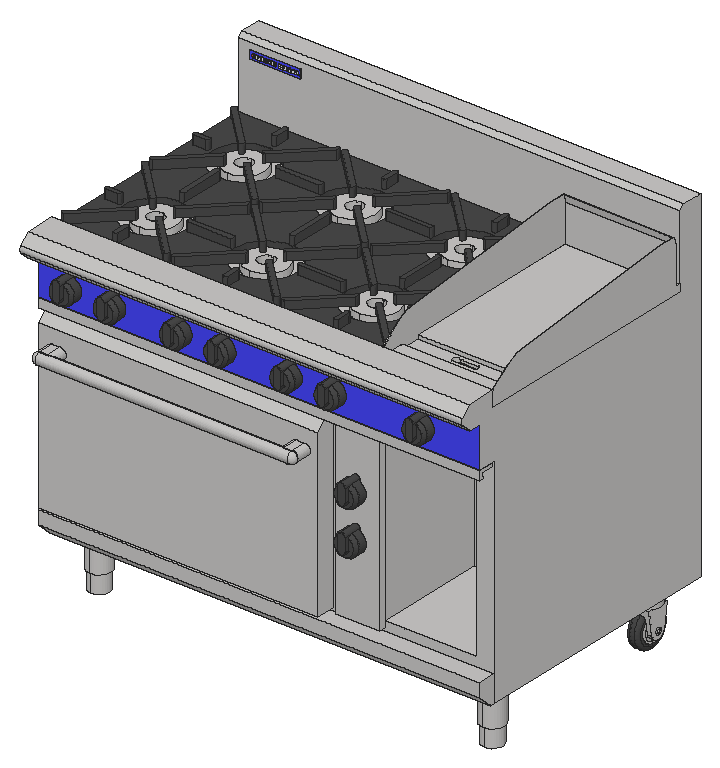
Revit family "QF_MOFFAT_BLUESEAL_CE_GE508C", category Specialty Equipment, Revit 2012
Parameters
  Width = 1200 mm
  Weight in Pounds = 485
  Watts = 6500 W
  Volts = 400 V
  URL Cutsheet = "www.moffat.com"
  URL = "www.moffat.com"
  Type Mark [instance] = ""
  Status [instance] = ""
  Specification by User [instance] = ""
  Specification by Manufacturer = ""
  Show Logo [instance] = yes
  Show Clearance [instance] = yes
  Show Casters [instance] = yes
  Serial Number = ""
  Seismic Rating = ""
  SMACNA No = ""
  Revision Code [instance] = ""
  Phase = 3
  Omniclass Number and Title = ""
  Number of Poles [instance] = 1
  NAFEM Spec ID Number = ""
  Model = "GE508C"
  Min Ckt Ampacity = 0 A
  Mechanical Remarks = ""
  Mechanical Connection Type [instance] = ""
  Max Overcurrent Protection = 0 A
  Masterspec = ""
  Manufacturer = "MOFFAT BLUESEAL"
  Legs [instance] = not(Show Casters)  # no
  Item Number [instance] = ""
  Installed By [instance] = ""
  Identify Quantity as Lot [instance] = yes
  Height = 970 mm
  HP = ""
  Gas Size = 3/4"
  Gas RI Height [instance] = 0 mm
  Gas KW [instance] = 48
  Gas Input [instance] = 165000.0 Btu/h
  Gas Connection Height = 0 mm
  Furnished By [instance] = ""
  Foodservice Equipment Identifier [instance] = yes
  FL Amps = 9.4 A
  Electrical Remarks = "9.4A PER PHASE"
  Electric Connection Type = ""
  Elec Conn RI Height = 0 mm
  Elec Conn Connection Height = 0 mm
  Description = "1200MM GAS RANGE WITH ELECTRIC STATIC OVEN"
  Depth = 812 mm
  Cycle = 50 Hz
  Conn Plug = ""
  Conn Conduit = yes
  CSI MasterFormat = ""
  CSI Master Format = ""
  Body Finish = QF_Finishes_Stainless Steel
  Apparent Power = 0 VA
Reference planes
  plane 1 "BACK": y = 0
  plane 2: z = 0
  plane 3 "LEFT": x = 0
  plane 4 "RIGHT": x = 1200
  plane 5 "FRONT": y = -812
  plane 6 "TOP": z = 970
  plane 7 "Center Y": x = 600
  plane 8 "Center X": y = -406
  plane 9: x = 280
  plane 10: y = -574.272
  plane 11: x = 60
  plane 12: y = -304.972
  plane 13: y = -364.972
  plane 14: x = 74
  plane 15: y = -812
  plane 16: x = 1134.5
  plane 17: y = -32
  plane 18: z = 655
  plane 19: x = 65.5
  plane 20: x = 65.8
  plane 21: z = 1085
  plane 22: y = -705
Forms (mm)
  Extrusion 1, solid, material "QF_Finishes_Stainless Steel" <- "Body Finish"
    sketch origin (0, 0, 0) x (0, 1, 0) y (0, 0, 1)
      loop
        line (0, 150) -> (0, 1085) -> (-57.5, 1085) -> (-70, 1072.5) -> (-70, 875) -> (-705, 875) -> (-705, 915) -> (-783.97, 915) -> (-808.49, 890.48)
        arc (-808.49, 890.48) -> (-812.002, 882) -> (-808.49, 873.52) r 11.993
        line (-808.49, 873.52) -> (-784.97, 850) -> (-749, 850) -> (-749, 740) -> (-699, 740) -> (-699, 150) -> (0, 150)
      loop
        line (-749, 222.5) -> (-749, 186) -> (-713, 150) -> (-703.2, 150) -> (-703.2, 222.5) -> (-749, 222.5)
      loop
        line (-749, 713.781) -> (-740.224, 713.781) -> (-742.613, 730.781) -> (-707.93, 730.781) -> (-707.93, 737.784) -> (-749, 737.784) -> (-749, 713.781)
    from 0 to 1200
  Extrusion 2, solid, material "QF_Finishes_Stainless Steel"
    sketch origin (0, 7, 0) x (0, 1, 0) y (0, 0, 1)
      loop
        line (-706, 700) -> (-732, 700) -> (-756, 676) -> (-756, 227.5) -> (-706, 227.5) -> (-706, 700)
    from 0 to 760
  Extrusion 3, solid, material "QF_Finishes_Stainless Steel"
    sketch origin (723.5, 7, 0) x (0, 1, 0) y (0, 0, 1)
      loop
        line (-706, 700) -> (-721, 700) -> (-721, 227.5) -> (-706, 227.5) -> (-706, 700)
    from 56.898 to 176.5
  Revolve 4, solid, material "QF_Finishes_Stainless Steel" <- "Body Finish"
    sketch origin (1134.5, -696.126, 0) x (0, 1, 0) y (0, 0, -1)
      loop
        line (39.376, -150) -> (71.126, -150) -> (71.126, 0) -> (43.626, 0) -> (43.626, -50) -> (39.376, -50) -> (39.376, -150)
      axis (71.126, -150) -> (71.126, 0)
    angle from 0 to 360
  Revolve 5, solid, material "QF_Finishes_Stainless Steel" <- "Body Finish"
    sketch origin (65.5, -696.126, 0) x (0, 1, 0) y (0, 0, 1)
      loop
        line (39.376, 150) -> (39.376, 50) -> (43.626, 50) -> (43.626, 0) -> (71.126, 0) -> (71.126, 150) -> (39.376, 150)
      axis (71.126, 150) -> (71.126, 0)
    angle from 0 to 360
  Extrusion 6, solid, material "QF_Finishes_Stainless Steel"
    sketch origin (-64.5, 0, 325) x (1, 0, 0) y (0, 1, 0)
      loop
        circle (1134.5, -32) r 10
    from 330 to 374.856
  Extrusion 7, void
    sketch origin (0, -699, 150) x (0, 0, -1) y (-1, 0, 0)
      loop
        line (-529.781, -900) -> (-529.781, -1150) -> (-96, -1150) -> (-96, -900) -> (-529.781, -900)
    from 0 to 304.8
  Extrusion 8, solid, material "QF_Finishes_Black"
    sketch origin (0, -70, 875) x (0, -1, 0) y (1, 0, 0)
      loop
        arc (1, 4) -> (1.879, 1.879) -> (4, 1) r 3
        line (4, 1) -> (632, 1)
        arc (632, 1) -> (634.121, 1.879) -> (635, 4) r 3
        line (635, 4) -> (635, 897)
        arc (635, 897) -> (634.121, 899.121) -> (632, 900) r 3
        line (632, 900) -> (4, 900)
        arc (4, 900) -> (1.879, 899.121) -> (1, 897) r 3
        line (1, 897) -> (1, 4)
      loop
        circle (167.5, 150) r 85
      loop
        circle (167.5, 450) r 85
      loop
        circle (467.768, 150) r 85
      loop
        circle (467.768, 450) r 85
      loop
        circle (167.5, 750) r 85
      loop
        circle (467.768, 750) r 85
    from 0 to 19.5
  Extrusion 9, solid, material "QF_Finishes_Black"
    sketch origin (0, -70, 894.5) x (0, -1, 0) y (1, 0, 0)
      loop
        spline (327.102, 15.153) -> (326.181, 13.924) -> (325.631, 12.47) -> (325.49, 10.89) -> (325.767, 9.292) -> (326.443, 7.786) -> (327.473, 6.473) -> (328.786, 5.443) -> (330.292, 4.767) -> (331.89, 4.49) -> (333.47, 4.631) -> (334.924, 5.181) -> (336.153, 6.102)
        line (336.153, 6.102) -> (444.076, 114.025)
        spline (444.076, 114.025) -> (444.837, 115.095) -> (445.238, 116.399) -> (445.251, 117.851) -> (444.875, 119.35) -> (444.137, 120.795) -> (443.086, 122.086) -> (441.795, 123.137) -> (440.35, 123.875) -> (438.851, 124.251) -> (437.399, 124.238) -> (436.095, 123.837) -> (435.025, 123.076)
        line (435.025, 123.076) -> (327.102, 15.153)
      loop
        line (611.398, 15.153) -> (503.475, 123.076)
        spline (503.475, 123.076) -> (502.405, 123.837) -> (501.101, 124.238) -> (499.649, 124.251) -> (498.15, 123.875) -> (496.705, 123.137) -> (495.414, 122.086) -> (494.363, 120.795) -> (493.625, 119.35) -> (493.249, 117.851) -> (493.262, 116.399) -> (493.663, 115.095) -> (494.424, 114.025)
        line (494.424, 114.025) -> (602.347, 6.102)
        spline (602.347, 6.102) -> (603.416, 5.341) -> (604.721, 4.941) -> (606.172, 4.928) -> (607.671, 5.303) -> (609.116, 6.041) -> (610.408, 7.092) -> (611.459, 8.384) -> (612.197, 9.829) -> (612.572, 11.328) -> (612.559, 12.779) -> (612.159, 14.084) -> (611.398, 15.153)
      loop
        spline (379.102, 143.6) -> (380.396, 143.818) -> (381.602, 144.457) -> (382.638, 145.475) -> (383.432, 146.8) -> (383.932, 148.344) -> (384.102, 150) -> (383.932, 151.656) -> (383.432, 153.2) -> (382.638, 154.525) -> (381.602, 155.543) -> (380.396, 156.182) -> (379.102, 156.4)
        line (379.102, 156.4) -> (259.398, 156.4)
        spline (259.398, 156.4) -> (258.104, 156.182) -> (256.898, 155.543) -> (255.862, 154.525) -> (255.068, 153.2) -> (254.568, 151.656) -> (254.398, 150) -> (254.568, 148.344) -> (255.068, 146.8) -> (255.862, 145.475) -> (256.898, 144.457) -> (258.104, 143.818) -> (259.398, 143.6)
        line (259.398, 143.6) -> (379.102, 143.6)
      loop
        spline (23.602, 15.153) -> (22.681, 13.924) -> (22.131, 12.47) -> (21.99, 10.89) -> (22.267, 9.292) -> (22.943, 7.786) -> (23.973, 6.473) -> (25.286, 5.443) -> (26.792, 4.767) -> (28.39, 4.49) -> (29.97, 4.631) -> (31.424, 5.181) -> (32.653, 6.102)
        line (32.653, 6.102) -> (140.576, 114.025)
        spline (140.576, 114.025) -> (141.337, 115.095) -> (141.738, 116.399) -> (141.751, 117.851) -> (141.375, 119.35) -> (140.637, 120.795) -> (139.586, 122.086) -> (138.295, 123.137) -> (136.85, 123.875) -> (135.351, 124.251) -> (133.899, 124.238) -> (132.595, 123.837) -> (131.525, 123.076)
        line (131.525, 123.076) -> (23.602, 15.153)
      loop
        line (311.398, 15.153) -> (203.475, 123.076)
        spline (203.475, 123.076) -> (202.405, 123.837) -> (201.101, 124.238) -> (199.649, 124.251) -> (198.15, 123.875) -> (196.705, 123.137) -> (195.414, 122.086) -> (194.363, 120.795) -> (193.625, 119.35) -> (193.249, 117.851) -> (193.262, 116.399) -> (193.663, 115.095) -> (194.424, 114.025)
        line (194.424, 114.025) -> (302.347, 6.102)
        spline (302.347, 6.102) -> (303.416, 5.341) -> (304.721, 4.941) -> (306.172, 4.928) -> (307.671, 5.303) -> (309.116, 6.041) -> (310.408, 7.092) -> (311.459, 8.384) -> (312.197, 9.829) -> (312.572, 11.328) -> (312.559, 12.779) -> (312.159, 14.084) -> (311.398, 15.153)
      loop
        line (327.102, 284.847) -> (435.025, 176.924)
        spline (435.025, 176.924) -> (436.095, 176.163) -> (437.399, 175.762) -> (438.851, 175.749) -> (440.35, 176.125) -> (441.795, 176.863) -> (443.086, 177.914) -> (444.137, 179.205) -> (444.875, 180.65) -> (445.251, 182.149) -> (445.238, 183.601) -> (444.837, 184.905) -> (444.076, 185.975)
        line (444.076, 185.975) -> (336.153, 293.898)
        spline (336.153, 293.898) -> (334.924, 294.819) -> (333.47, 295.369) -> (331.89, 295.51) -> (330.292, 295.233) -> (328.786, 294.557) -> (327.473, 293.527) -> (326.443, 292.214) -> (325.767, 290.708) -> (325.49, 289.11) -> (325.631, 287.53) -> (326.181, 286.076) -> (327.102, 284.847)
      loop
        spline (611.398, 284.847) -> (612.159, 285.916) -> (612.559, 287.221) -> (612.572, 288.672) -> (612.197, 290.171) -> (611.459, 291.616) -> (610.408, 292.908) -> (609.116, 293.959) -> (607.671, 294.697) -> (606.172, 295.072) -> (604.721, 295.059) -> (603.416, 294.659) -> (602.347, 293.898)
        line (602.347, 293.898) -> (494.424, 185.975)
        spline (494.424, 185.975) -> (493.663, 184.905) -> (493.262, 183.601) -> (493.249, 182.149) -> (493.625, 180.65) -> (494.363, 179.205) -> (495.414, 177.914) -> (496.705, 176.863) -> (498.15, 176.125) -> (499.649, 175.749) -> (501.101, 175.762) -> (502.405, 176.163) -> (503.475, 176.924)
        line (503.475, 176.924) -> (611.398, 284.847)
      loop
        spline (461.1, 241.898) -> (461.318, 240.604) -> (461.957, 239.398) -> (462.975, 238.362) -> (464.3, 237.568) -> (465.844, 237.068) -> (467.5, 236.898) -> (469.156, 237.068) -> (470.7, 237.568) -> (472.025, 238.362) -> (473.043, 239.398) -> (473.682, 240.604) -> (473.9, 241.898)
        line (473.9, 241.898) -> (473.9, 358.102)
        spline (473.9, 358.102) -> (473.682, 359.396) -> (473.043, 360.602) -> (472.025, 361.638) -> (470.7, 362.432) -> (469.156, 362.932) -> (467.5, 363.102) -> (465.844, 362.932) -> (464.3, 362.432) -> (462.975, 361.638) -> (461.957, 360.602) -> (461.318, 359.396) -> (461.1, 358.102)
        line (461.1, 358.102) -> (461.1, 241.898)
      loop
        line (23.602, 284.847) -> (131.525, 176.924)
        spline (131.525, 176.924) -> (132.595, 176.163) -> (133.899, 175.762) -> (135.351, 175.749) -> (136.85, 176.125) -> (138.295, 176.863) -> (139.586, 177.914) -> (140.637, 179.205) -> (141.375, 180.65) -> (141.751, 182.149) -> (141.738, 183.601) -> (141.337, 184.905) -> (140.576, 185.975)
        line (140.576, 185.975) -> (32.653, 293.898)
        spline (32.653, 293.898) -> (31.424, 294.819) -> (29.97, 295.369) -> (28.39, 295.51) -> (26.792, 295.233) -> (25.286, 294.557) -> (23.973, 293.527) -> (22.943, 292.214) -> (22.267, 290.708) -> (21.99, 289.11) -> (22.131, 287.53) -> (22.681, 286.076) -> (23.602, 284.847)
      loop
        spline (311.398, 284.847) -> (312.159, 285.916) -> (312.559, 287.221) -> (312.572, 288.672) -> (312.197, 290.171) -> (311.459, 291.616) -> (310.408, 292.908) -> (309.116, 293.959) -> (307.671, 294.697) -> (306.172, 295.072) -> (304.721, 295.059) -> (303.416, 294.659) -> (302.347, 293.898)
        line (302.347, 293.898) -> (194.424, 185.975)
        spline (194.424, 185.975) -> (193.663, 184.905) -> (193.262, 183.601) -> (193.249, 182.149) -> (193.625, 180.65) -> (194.363, 179.205) -> (195.414, 177.914) -> (196.705, 176.863) -> (198.15, 176.125) -> (199.649, 175.749) -> (201.101, 175.762) -> (202.405, 176.163) -> (203.475, 176.924)
        line (203.475, 176.924) -> (311.398, 284.847)
      loop
        spline (161.1, 241.898) -> (161.318, 240.604) -> (161.957, 239.398) -> (162.975, 238.362) -> (164.3, 237.568) -> (165.844, 237.068) -> (167.5, 236.898) -> (169.156, 237.068) -> (170.7, 237.568) -> (172.025, 238.362) -> (173.043, 239.398) -> (173.682, 240.604) -> (173.9, 241.898)
        line (173.9, 241.898) -> (173.9, 358.102)
        spline (173.9, 358.102) -> (173.682, 359.396) -> (173.043, 360.602) -> (172.025, 361.638) -> (170.7, 362.432) -> (169.156, 362.932) -> (167.5, 363.102) -> (165.844, 362.932) -> (164.3, 362.432) -> (162.975, 361.638) -> (161.957, 360.602) -> (161.318, 359.396) -> (161.1, 358.102)
        line (161.1, 358.102) -> (161.1, 241.898)
      loop
        line (379.102, 456.4) -> (259.398, 456.4)
        spline (259.398, 456.4) -> (258.104, 456.182) -> (256.898, 455.543) -> (255.862, 454.525) -> (255.068, 453.2) -> (254.568, 451.656) -> (254.398, 450) -> (254.568, 448.344) -> (255.068, 446.8) -> (255.862, 445.475) -> (256.898, 444.457) -> (258.104, 443.818) -> (259.398, 443.6)
        line (259.398, 443.6) -> (379.102, 443.6)
        spline (379.102, 443.6) -> (380.396, 443.818) -> (381.602, 444.457) -> (382.638, 445.475) -> (383.432, 446.8) -> (383.932, 448.344) -> (384.102, 450) -> (383.932, 451.656) -> (383.432, 453.2) -> (382.638, 454.525) -> (381.602, 455.543) -> (380.396, 456.182) -> (379.102, 456.4)
      loop
        spline (327.102, 315.153) -> (326.181, 313.924) -> (325.631, 312.47) -> (325.49, 310.89) -> (325.767, 309.292) -> (326.443, 307.786) -> (327.473, 306.473) -> (328.786, 305.443) -> (330.292, 304.767) -> (331.89, 304.49) -> (333.47, 304.631) -> (334.924, 305.181) -> (336.153, 306.102)
        line (336.153, 306.102) -> (444.076, 414.025)
        spline (444.076, 414.025) -> (444.837, 415.095) -> (445.238, 416.399) -> (445.251, 417.851) -> (444.875, 419.35) -> (444.137, 420.795) -> (443.086, 422.086) -> (441.795, 423.137) -> (440.35, 423.875) -> (438.851, 424.251) -> (437.399, 424.238) -> (436.095, 423.837) -> (435.025, 423.076)
        line (435.025, 423.076) -> (327.102, 315.153)
      loop
        line (611.398, 315.153) -> (503.475, 423.076)
        spline (503.475, 423.076) -> (502.405, 423.837) -> (501.101, 424.238) -> (499.649, 424.251) -> (498.15, 423.875) -> (496.705, 423.137) -> (495.414, 422.086) -> (494.363, 420.795) -> (493.625, 419.35) -> (493.249, 417.851) -> (493.262, 416.399) -> (493.663, 415.095) -> (494.424, 414.025)
        line (494.424, 414.025) -> (602.347, 306.102)
        spline (602.347, 306.102) -> (603.416, 305.341) -> (604.721, 304.941) -> (606.172, 304.928) -> (607.671, 305.303) -> (609.116, 306.041) -> (610.408, 307.092) -> (611.459, 308.384) -> (612.197, 309.829) -> (612.572, 311.328) -> (612.559, 312.779) -> (612.159, 314.084) -> (611.398, 315.153)
      loop
        spline (23.602, 315.153) -> (22.681, 313.924) -> (22.131, 312.47) -> (21.99, 310.89) -> (22.267, 309.292) -> (22.943, 307.786) -> (23.973, 306.473) -> (25.286, 305.443) -> (26.792, 304.767) -> (28.39, 304.49) -> (29.97, 304.631) -> (31.424, 305.181) -> (32.653, 306.102)
        line (32.653, 306.102) -> (140.576, 414.025)
        spline (140.576, 414.025) -> (141.337, 415.095) -> (141.738, 416.399) -> (141.751, 417.851) -> (141.375, 419.35) -> (140.637, 420.795) -> (139.586, 422.086) -> (138.295, 423.137) -> (136.85, 423.875) -> (135.351, 424.251) -> (133.899, 424.238) -> (132.595, 423.837) -> (131.525, 423.076)
        line (131.525, 423.076) -> (23.602, 315.153)
      loop
        line (311.398, 315.153) -> (203.475, 423.076)
        spline (203.475, 423.076) -> (202.405, 423.837) -> (201.101, 424.238) -> (199.649, 424.251) -> (198.15, 423.875) -> (196.705, 423.137) -> (195.414, 422.086) -> (194.363, 420.795) -> (193.625, 419.35) -> (193.249, 417.851) -> (193.262, 416.399) -> (193.663, 415.095) -> (194.424, 414.025)
        line (194.424, 414.025) -> (302.347, 306.102)
        spline (302.347, 306.102) -> (303.416, 305.341) -> (304.721, 304.941) -> (306.172, 304.928) -> (307.671, 305.303) -> (309.116, 306.041) -> (310.408, 307.092) -> (311.459, 308.384) -> (312.197, 309.829) -> (312.572, 311.328) -> (312.559, 312.779) -> (312.159, 314.084) -> (311.398, 315.153)
      loop
        line (327.102, 584.847) -> (435.025, 476.924)
        spline (435.025, 476.924) -> (436.095, 476.163) -> (437.399, 475.762) -> (438.851, 475.749) -> (440.35, 476.125) -> (441.795, 476.863) -> (443.086, 477.914) -> (444.137, 479.205) -> (444.875, 480.65) -> (445.251, 482.149) -> (445.238, 483.601) -> (444.837, 484.905) -> (444.076, 485.975)
        line (444.076, 485.975) -> (336.153, 593.898)
        spline (336.153, 593.898) -> (334.924, 594.819) -> (333.47, 595.369) -> (331.89, 595.51) -> (330.292, 595.233) -> (328.786, 594.557) -> (327.473, 593.527) -> (326.443, 592.214) -> (325.767, 590.708) -> (325.49, 589.11) -> (325.631, 587.53) -> (326.181, 586.076) -> (327.102, 584.847)
      loop
        spline (611.398, 584.847) -> (612.159, 585.916) -> (612.559, 587.221) -> (612.572, 588.672) -> (612.197, 590.171) -> (611.459, 591.616) -> (610.408, 592.908) -> (609.116, 593.959) -> (607.671, 594.697) -> (606.172, 595.072) -> (604.721, 595.059) -> (603.416, 594.659) -> (602.347, 593.898)
        line (602.347, 593.898) -> (494.424, 485.975)
        spline (494.424, 485.975) -> (493.663, 484.905) -> (493.262, 483.601) -> (493.249, 482.149) -> (493.625, 480.65) -> (494.363, 479.205) -> (495.414, 477.914) -> (496.705, 476.863) -> (498.15, 476.125) -> (499.649, 475.749) -> (501.101, 475.762) -> (502.405, 476.163) -> (503.475, 476.924)
        line (503.475, 476.924) -> (611.398, 584.847)
      loop
        line (23.602, 584.847) -> (131.525, 476.924)
        spline (131.525, 476.924) -> (132.595, 476.163) -> (133.899, 475.762) -> (135.351, 475.749) -> (136.85, 476.125) -> (138.295, 476.863) -> (139.586, 477.914) -> (140.637, 479.205) -> (141.375, 480.65) -> (141.751, 482.149) -> (141.738, 483.601) -> (141.337, 484.905) -> (140.576, 485.975)
        line (140.576, 485.975) -> (32.653, 593.898)
        spline (32.653, 593.898) -> (31.424, 594.819) -> (29.97, 595.369) -> (28.39, 595.51) -> (26.792, 595.233) -> (25.286, 594.557) -> (23.973, 593.527) -> (22.943, 592.214) -> (22.267, 590.708) -> (21.99, 589.11) -> (22.131, 587.53) -> (22.681, 586.076) -> (23.602, 584.847)
      loop
        spline (311.398, 584.847) -> (312.159, 585.916) -> (312.559, 587.221) -> (312.572, 588.672) -> (312.197, 590.171) -> (311.459, 591.616) -> (310.408, 592.908) -> (309.116, 593.959) -> (307.671, 594.697) -> (306.172, 595.072) -> (304.721, 595.059) -> (303.416, 594.659) -> (302.347, 593.898)
        line (302.347, 593.898) -> (194.424, 485.975)
        spline (194.424, 485.975) -> (193.663, 484.905) -> (193.262, 483.601) -> (193.249, 482.149) -> (193.625, 480.65) -> (194.363, 479.205) -> (195.414, 477.914) -> (196.705, 476.863) -> (198.15, 476.125) -> (199.649, 475.749) -> (201.101, 475.762) -> (202.405, 476.163) -> (203.475, 476.924)
        line (203.475, 476.924) -> (311.398, 584.847)
      loop
        spline (461.1, 541.898) -> (461.318, 540.604) -> (461.957, 539.398) -> (462.975, 538.362) -> (464.3, 537.568) -> (465.844, 537.068) -> (467.5, 536.898) -> (469.156, 537.068) -> (470.7, 537.568) -> (472.025, 538.362) -> (473.043, 539.398) -> (473.682, 540.604) -> (473.9, 541.898)
        line (473.9, 541.898) -> (473.9, 658.102)
        spline (473.9, 658.102) -> (473.682, 659.396) -> (473.043, 660.602) -> (472.025, 661.638) -> (470.7, 662.432) -> (469.156, 662.932) -> (467.5, 663.102) -> (465.844, 662.932) -> (464.3, 662.432) -> (462.975, 661.638) -> (461.957, 660.602) -> (461.318, 659.396) -> (461.1, 658.102)
        line (461.1, 658.102) -> (461.1, 541.898)
      loop
        spline (161.1, 541.898) -> (161.318, 540.604) -> (161.957, 539.398) -> (162.975, 538.362) -> (164.3, 537.568) -> (165.844, 537.068) -> (167.5, 536.898) -> (169.156, 537.068) -> (170.7, 537.568) -> (172.025, 538.362) -> (173.043, 539.398) -> (173.682, 540.604) -> (173.9, 541.898)
        line (173.9, 541.898) -> (173.9, 658.102)
        spline (173.9, 658.102) -> (173.682, 659.396) -> (173.043, 660.602) -> (172.025, 661.638) -> (170.7, 662.432) -> (169.156, 662.932) -> (167.5, 663.102) -> (165.844, 662.932) -> (164.3, 662.432) -> (162.975, 661.638) -> (161.957, 660.602) -> (161.318, 659.396) -> (161.1, 658.102)
        line (161.1, 658.102) -> (161.1, 541.898)
      loop
        line (379.102, 756.4) -> (259.398, 756.4)
        spline (259.398, 756.4) -> (258.104, 756.182) -> (256.898, 755.543) -> (255.862, 754.525) -> (255.068, 753.2) -> (254.568, 751.656) -> (254.398, 750) -> (254.568, 748.344) -> (255.068, 746.8) -> (255.862, 745.475) -> (256.898, 744.457) -> (258.104, 743.818) -> (259.398, 743.6)
        line (259.398, 743.6) -> (379.102, 743.6)
        spline (379.102, 743.6) -> (380.396, 743.818) -> (381.602, 744.457) -> (382.638, 745.475) -> (383.432, 746.8) -> (383.932, 748.344) -> (384.102, 750) -> (383.932, 751.656) -> (383.432, 753.2) -> (382.638, 754.525) -> (381.602, 755.543) -> (380.396, 756.182) -> (379.102, 756.4)
      loop
        spline (327.102, 615.153) -> (326.181, 613.924) -> (325.631, 612.47) -> (325.49, 610.89) -> (325.767, 609.292) -> (326.443, 607.786) -> (327.473, 606.473) -> (328.786, 605.443) -> (330.292, 604.767) -> (331.89, 604.49) -> (333.47, 604.631) -> (334.924, 605.181) -> (336.153, 606.102)
        line (336.153, 606.102) -> (444.076, 714.025)
        spline (444.076, 714.025) -> (444.837, 715.095) -> (445.238, 716.399) -> (445.251, 717.851) -> (444.875, 719.35) -> (444.137, 720.795) -> (443.086, 722.086) -> (441.795, 723.137) -> (440.35, 723.875) -> (438.851, 724.251) -> (437.399, 724.238) -> (436.095, 723.837) -> (435.025, 723.076)
        line (435.025, 723.076) -> (327.102, 615.153)
      loop
        line (611.398, 615.153) -> (503.475, 723.076)
        spline (503.475, 723.076) -> (502.405, 723.837) -> (501.101, 724.238) -> (499.649, 724.251) -> (498.15, 723.875) -> (496.705, 723.137) -> (495.414, 722.086) -> (494.363, 720.795) -> (493.625, 719.35) -> (493.249, 717.851) -> (493.262, 716.399) -> (493.663, 715.095) -> (494.424, 714.025)
        line (494.424, 714.025) -> (602.347, 606.102)
        spline (602.347, 606.102) -> (603.416, 605.341) -> (604.721, 604.941) -> (606.172, 604.928) -> (607.671, 605.303) -> (609.116, 606.041) -> (610.408, 607.092) -> (611.459, 608.384) -> (612.197, 609.829) -> (612.572, 611.328) -> (612.559, 612.779) -> (612.159, 614.084) -> (611.398, 615.153)
      loop
        spline (23.602, 615.153) -> (22.681, 613.924) -> (22.131, 612.47) -> (21.99, 610.89) -> (22.267, 609.292) -> (22.943, 607.786) -> (23.973, 606.473) -> (25.286, 605.443) -> (26.792, 604.767) -> (28.39, 604.49) -> (29.97, 604.631) -> (31.424, 605.181) -> (32.653, 606.102)
        line (32.653, 606.102) -> (140.576, 714.025)
        spline (140.576, 714.025) -> (141.337, 715.095) -> (141.738, 716.399) -> (141.751, 717.851) -> (141.375, 719.35) -> (140.637, 720.795) -> (139.586, 722.086) -> (138.295, 723.137) -> (136.85, 723.875) -> (135.351, 724.251) -> (133.899, 724.238) -> (132.595, 723.837) -> (131.525, 723.076)
        line (131.525, 723.076) -> (23.602, 615.153)
      loop
        line (311.398, 615.153) -> (203.475, 723.076)
        spline (203.475, 723.076) -> (202.405, 723.837) -> (201.101, 724.238) -> (199.649, 724.251) -> (198.15, 723.875) -> (196.705, 723.137) -> (195.414, 722.086) -> (194.363, 720.795) -> (193.625, 719.35) -> (193.249, 717.851) -> (193.262, 716.399) -> (193.663, 715.095) -> (194.424, 714.025)
        line (194.424, 714.025) -> (302.347, 606.102)
        spline (302.347, 606.102) -> (303.416, 605.341) -> (304.721, 604.941) -> (306.172, 604.928) -> (307.671, 605.303) -> (309.116, 606.041) -> (310.408, 607.092) -> (311.459, 608.384) -> (312.197, 609.829) -> (312.572, 611.328) -> (312.559, 612.779) -> (312.159, 614.084) -> (311.398, 615.153)
      loop
        line (327.102, 884.847) -> (435.025, 776.924)
        spline (435.025, 776.924) -> (436.095, 776.163) -> (437.399, 775.762) -> (438.851, 775.749) -> (440.35, 776.125) -> (441.795, 776.863) -> (443.086, 777.914) -> (444.137, 779.205) -> (444.875, 780.65) -> (445.251, 782.149) -> (445.238, 783.601) -> (444.837, 784.905) -> (444.076, 785.975)
        line (444.076, 785.975) -> (336.153, 893.898)
        spline (336.153, 893.898) -> (334.924, 894.819) -> (333.47, 895.369) -> (331.89, 895.51) -> (330.292, 895.233) -> (328.786, 894.557) -> (327.473, 893.527) -> (326.443, 892.214) -> (325.767, 890.708) -> (325.49, 889.11) -> (325.631, 887.53) -> (326.181, 886.076) -> (327.102, 884.847)
      loop
        spline (611.398, 884.847) -> (612.159, 885.916) -> (612.559, 887.221) -> (612.572, 888.672) -> (612.197, 890.171) -> (611.459, 891.616) -> (610.408, 892.908) -> (609.116, 893.959) -> (607.671, 894.697) -> (606.172, 895.072) -> (604.721, 895.059) -> (603.416, 894.659) -> (602.347, 893.898)
        line (602.347, 893.898) -> (494.424, 785.975)
        spline (494.424, 785.975) -> (493.663, 784.905) -> (493.262, 783.601) -> (493.249, 782.149) -> (493.625, 780.65) -> (494.363, 779.205) -> (495.414, 777.914) -> (496.705, 776.863) -> (498.15, 776.125) -> (499.649, 775.749) -> (501.101, 775.762) -> (502.405, 776.163) -> (503.475, 776.924)
        line (503.475, 776.924) -> (611.398, 884.847)
      loop
        line (23.602, 884.847) -> (131.525, 776.924)
        spline (131.525, 776.924) -> (132.595, 776.163) -> (133.899, 775.762) -> (135.351, 775.749) -> (136.85, 776.125) -> (138.295, 776.863) -> (139.586, 777.914) -> (140.637, 779.205) -> (141.375, 780.65) -> (141.751, 782.149) -> (141.738, 783.601) -> (141.337, 784.905) -> (140.576, 785.975)
        line (140.576, 785.975) -> (32.653, 893.898)
        spline (32.653, 893.898) -> (31.424, 894.819) -> (29.97, 895.369) -> (28.39, 895.51) -> (26.792, 895.233) -> (25.286, 894.557) -> (23.973, 893.527) -> (22.943, 892.214) -> (22.267, 890.708) -> (21.99, 889.11) -> (22.131, 887.53) -> (22.681, 886.076) -> (23.602, 884.847)
      loop
        spline (311.398, 884.847) -> (312.159, 885.916) -> (312.559, 887.221) -> (312.572, 888.672) -> (312.197, 890.171) -> (311.459, 891.616) -> (310.408, 892.908) -> (309.116, 893.959) -> (307.671, 894.697) -> (306.172, 895.072) -> (304.721, 895.059) -> (303.416, 894.659) -> (302.347, 893.898)
        line (302.347, 893.898) -> (194.424, 785.975)
        spline (194.424, 785.975) -> (193.663, 784.905) -> (193.262, 783.601) -> (193.249, 782.149) -> (193.625, 780.65) -> (194.363, 779.205) -> (195.414, 777.914) -> (196.705, 776.863) -> (198.15, 776.125) -> (199.649, 775.749) -> (201.101, 775.762) -> (202.405, 776.163) -> (203.475, 776.924)
        line (203.475, 776.924) -> (311.398, 884.847)
      loop
        spline (473.9, 891.872) -> (473.682, 893.166) -> (473.043, 894.372) -> (472.025, 895.407) -> (470.7, 896.202) -> (469.156, 896.701) -> (467.5, 896.872) -> (465.844, 896.701) -> (464.3, 896.202) -> (462.975, 895.407) -> (461.957, 894.372) -> (461.318, 893.166) -> (461.1, 891.872)
        line (461.1, 891.872) -> (461.1, 841.898)
        spline (461.1, 841.898) -> (461.318, 840.604) -> (461.957, 839.398) -> (462.975, 838.362) -> (464.3, 837.568) -> (465.844, 837.068) -> (467.5, 836.898) -> (469.156, 837.068) -> (470.7, 837.568) -> (472.025, 838.362) -> (473.043, 839.398) -> (473.682, 840.604) -> (473.9, 841.898)
        line (473.9, 841.898) -> (473.9, 891.872)
      loop
        spline (173.9, 891.872) -> (173.682, 893.166) -> (173.043, 894.372) -> (172.025, 895.407) -> (170.7, 896.202) -> (169.156, 896.701) -> (167.5, 896.872) -> (165.844, 896.701) -> (164.3, 896.202) -> (162.975, 895.407) -> (161.957, 894.372) -> (161.318, 893.166) -> (161.1, 891.872)
        line (161.1, 891.872) -> (161.1, 841.898)
        spline (161.1, 841.898) -> (161.318, 840.604) -> (161.957, 839.398) -> (162.975, 838.362) -> (164.3, 837.568) -> (165.844, 837.068) -> (167.5, 836.898) -> (169.156, 837.068) -> (170.7, 837.568) -> (172.025, 838.362) -> (173.043, 839.398) -> (173.682, 840.604) -> (173.9, 841.898)
        line (173.9, 841.898) -> (173.9, 891.872)
      loop
        spline (65.602, 143.6) -> (66.896, 143.818) -> (68.102, 144.457) -> (69.138, 145.475) -> (69.932, 146.8) -> (70.432, 148.344) -> (70.602, 150) -> (70.432, 151.656) -> (69.932, 153.2) -> (69.138, 154.525) -> (68.102, 155.543) -> (66.896, 156.182) -> (65.602, 156.4)
        line (65.602, 156.4) -> (29.398, 156.4)
        spline (29.398, 156.4) -> (28.104, 156.182) -> (26.898, 155.543) -> (25.862, 154.525) -> (25.068, 153.2) -> (24.568, 151.656) -> (24.398, 150) -> (24.568, 148.344) -> (25.068, 146.8) -> (25.862, 145.475) -> (26.898, 144.457) -> (28.104, 143.818) -> (29.398, 143.6)
        line (29.398, 143.6) -> (65.602, 143.6)
      loop
        spline (65.602, 443.6) -> (66.896, 443.818) -> (68.102, 444.457) -> (69.138, 445.475) -> (69.932, 446.8) -> (70.432, 448.344) -> (70.602, 450) -> (70.432, 451.656) -> (69.932, 453.2) -> (69.138, 454.525) -> (68.102, 455.543) -> (66.896, 456.182) -> (65.602, 456.4)
        line (65.602, 456.4) -> (29.398, 456.4)
        spline (29.398, 456.4) -> (28.104, 456.182) -> (26.898, 455.543) -> (25.862, 454.525) -> (25.068, 453.2) -> (24.568, 451.656) -> (24.398, 450) -> (24.568, 448.344) -> (25.068, 446.8) -> (25.862, 445.475) -> (26.898, 444.457) -> (28.104, 443.818) -> (29.398, 443.6)
        line (29.398, 443.6) -> (65.602, 443.6)
      loop
        spline (65.602, 743.6) -> (66.896, 743.818) -> (68.102, 744.457) -> (69.138, 745.475) -> (69.932, 746.8) -> (70.432, 748.344) -> (70.602, 750) -> (70.432, 751.656) -> (69.932, 753.2) -> (69.138, 754.525) -> (68.102, 755.543) -> (66.896, 756.182) -> (65.602, 756.4)
        line (65.602, 756.4) -> (29.398, 756.4)
        spline (29.398, 756.4) -> (28.104, 756.182) -> (26.898, 755.543) -> (25.862, 754.525) -> (25.068, 753.2) -> (24.568, 751.656) -> (24.398, 750) -> (24.568, 748.344) -> (25.068, 746.8) -> (25.862, 745.475) -> (26.898, 744.457) -> (28.104, 743.818) -> (29.398, 743.6)
        line (29.398, 743.6) -> (65.602, 743.6)
      loop
        spline (605.602, 143.6) -> (606.896, 143.818) -> (608.102, 144.457) -> (609.138, 145.475) -> (609.932, 146.8) -> (610.432, 148.344) -> (610.602, 150) -> (610.432, 151.656) -> (609.932, 153.2) -> (609.138, 154.525) -> (608.102, 155.543) -> (606.896, 156.182) -> (605.602, 156.4)
        line (605.602, 156.4) -> (569.398, 156.4)
        spline (569.398, 156.4) -> (568.104, 156.182) -> (566.898, 155.543) -> (565.862, 154.525) -> (565.068, 153.2) -> (564.568, 151.656) -> (564.398, 150) -> (564.568, 148.344) -> (565.068, 146.8) -> (565.862, 145.475) -> (566.898, 144.457) -> (568.104, 143.818) -> (569.398, 143.6)
        line (569.398, 143.6) -> (605.602, 143.6)
      loop
        spline (605.602, 443.6) -> (606.896, 443.818) -> (608.102, 444.457) -> (609.138, 445.475) -> (609.932, 446.8) -> (610.432, 448.344) -> (610.602, 450) -> (610.432, 451.656) -> (609.932, 453.2) -> (609.138, 454.525) -> (608.102, 455.543) -> (606.896, 456.182) -> (605.602, 456.4)
        line (605.602, 456.4) -> (569.398, 456.4)
        spline (569.398, 456.4) -> (568.104, 456.182) -> (566.898, 455.543) -> (565.862, 454.525) -> (565.068, 453.2) -> (564.568, 451.656) -> (564.398, 450) -> (564.568, 448.344) -> (565.068, 446.8) -> (565.862, 445.475) -> (566.898, 444.457) -> (568.104, 443.818) -> (569.398, 443.6)
        line (569.398, 443.6) -> (605.602, 443.6)
      loop
        spline (605.602, 743.6) -> (606.896, 743.818) -> (608.102, 744.457) -> (609.138, 745.475) -> (609.932, 746.8) -> (610.432, 748.344) -> (610.602, 750) -> (610.432, 751.656) -> (609.932, 753.2) -> (609.138, 754.525) -> (608.102, 755.543) -> (606.896, 756.182) -> (605.602, 756.4)
        line (605.602, 756.4) -> (569.398, 756.4)
        spline (569.398, 756.4) -> (568.104, 756.182) -> (566.898, 755.543) -> (565.862, 754.525) -> (565.068, 753.2) -> (564.568, 751.656) -> (564.398, 750) -> (564.568, 748.344) -> (565.068, 746.8) -> (565.862, 745.475) -> (566.898, 744.457) -> (568.104, 743.818) -> (569.398, 743.6)
        line (569.398, 743.6) -> (605.602, 743.6)
      loop
        line (460.626, 50.584) -> (460.626, 16.591)
        spline (460.626, 16.591) -> (460.844, 15.297) -> (461.483, 14.091) -> (462.501, 13.055) -> (463.826, 12.261) -> (465.37, 11.761) -> (467.026, 11.591) -> (468.682, 11.761) -> (470.226, 12.261) -> (471.551, 13.055) -> (472.569, 14.091) -> (473.208, 15.297) -> (473.426, 16.591)
        line (473.426, 16.591) -> (473.426, 50.584)
        spline (473.426, 50.584) -> (473.208, 51.878) -> (472.569, 53.084) -> (471.551, 54.119) -> (470.226, 54.914) -> (468.682, 55.413) -> (467.026, 55.584) -> (465.37, 55.413) -> (463.826, 54.914) -> (462.501, 54.119) -> (461.483, 53.084) -> (460.844, 51.878) -> (460.626, 50.584)
      loop
        line (160.11, 50.584) -> (160.11, 16.591)
        spline (160.11, 16.591) -> (160.328, 15.297) -> (160.967, 14.091) -> (161.984, 13.055) -> (163.31, 12.261) -> (164.853, 11.761) -> (166.51, 11.591) -> (168.166, 11.761) -> (169.71, 12.261) -> (171.035, 13.055) -> (172.052, 14.091) -> (172.692, 15.297) -> (172.91, 16.591)
        line (172.91, 16.591) -> (172.91, 50.584)
        spline (172.91, 50.584) -> (172.692, 51.878) -> (172.052, 53.084) -> (171.035, 54.119) -> (169.71, 54.914) -> (168.166, 55.413) -> (166.51, 55.584) -> (164.853, 55.413) -> (163.31, 54.914) -> (161.984, 54.119) -> (160.967, 53.084) -> (160.328, 51.878) -> (160.11, 50.584)
    from 0 to 23.5
  Revolve 10, solid, material "QF_Finishes_Black"
    sketch origin (810.601, 45.874, -0.118) x (0, 1, 0) y (0, 0, 1)
      loop
        line (-827.874, 829.5) -> (-838.874, 823.651) -> (-838.874, 797) -> (-794.874, 797) -> (-794.874, 802) -> (-804.874, 802) -> (-804.874, 829.5) -> (-827.874, 829.5)
      axis (-838.874, 797) -> (-794.874, 797)
    angle from 0 to 360
  Revolve 11, solid, material "QF_Finishes_Black"
    sketch origin (690.601, 45.874, -0.118) x (0, 1, 0) y (0, 0, 1)
      loop
        line (-827.874, 829.5) -> (-838.874, 823.651) -> (-838.874, 797) -> (-794.874, 797) -> (-794.874, 802) -> (-804.874, 802) -> (-804.874, 829.5) -> (-827.874, 829.5)
      axis (-838.874, 797) -> (-794.874, 797)
    angle from 0 to 360
  Revolve 12, solid, material "QF_Finishes_Black"
    sketch origin (90.649, 45.874, -0.118) x (0, 1, 0) y (0, 0, -1)
      loop
        line (-827.874, -829.5) -> (-804.874, -829.5) -> (-804.874, -802) -> (-794.874, -802) -> (-794.874, -797) -> (-838.874, -797) -> (-838.874, -823.651) -> (-827.874, -829.5)
      axis (-838.874, -797) -> (-794.874, -797)
    angle from 0 to 360
  Revolve 13, solid, material "QF_Finishes_Black"
    sketch origin (210.649, 45.874, -0.118) x (0, 1, 0) y (0, 0, -1)
      loop
        line (-827.874, -829.5) -> (-804.874, -829.5) -> (-804.874, -802) -> (-794.874, -802) -> (-794.874, -797) -> (-838.874, -797) -> (-838.874, -823.651) -> (-827.874, -829.5)
      axis (-838.874, -797) -> (-794.874, -797)
    angle from 0 to 360
  Revolve 14, solid, material "QF_Finishes_Black"
    sketch origin (390.625, 45.874, -0.118) x (0, 1, 0) y (0, 0, -1)
      loop
        line (-827.874, -829.5) -> (-804.874, -829.5) -> (-804.874, -802) -> (-794.874, -802) -> (-794.874, -797) -> (-838.874, -797) -> (-838.874, -823.651) -> (-827.874, -829.5)
      axis (-838.874, -797) -> (-794.874, -797)
    angle from 0 to 360
  Revolve 15, solid, material "QF_Finishes_Black"
    sketch origin (510.625, 45.874, -0.118) x (0, 1, 0) y (0, 0, -1)
      loop
        line (-827.874, -829.5) -> (-804.874, -829.5) -> (-804.874, -802) -> (-794.874, -802) -> (-794.874, -797) -> (-838.874, -797) -> (-838.874, -823.651) -> (-827.874, -829.5)
      axis (-838.874, -797) -> (-794.874, -797)
    angle from 0 to 360
  Revolve 16, solid, material "QF_Finishes_Black"
    sketch origin (1050, 45.874, -0.118) x (0, 1, 0) y (0, 0, 1)
      loop
        line (-827.874, 829.5) -> (-838.874, 823.651) -> (-838.874, 797) -> (-794.874, 797) -> (-794.874, 802) -> (-804.874, 802) -> (-804.874, 829.5) -> (-827.874, 829.5)
      axis (-838.874, 797) -> (-794.874, 797)
    angle from 0 to 360
  Extrusion 17, solid, material "QF_Finishes_Black"
    sketch origin (238.456, 7, -0.118) x (-1, 0, 0) y (0, 0, -1)
      loop
        arc (158.3, -789) -> (148.3, -779) -> (138.3, -789) r 10
        line (138.3, -789) -> (138.3, -824)
        arc (138.3, -824) -> (148.3, -834) -> (158.3, -824) r 10
        line (158.3, -824) -> (158.3, -789)
    from 759 to 808
  Extrusion 18, solid, material "QF_Finishes_Black"
    sketch origin (358.456, 7, -0.118) x (-1, 0, 0) y (0, 0, -1)
      loop
        arc (158.3, -789) -> (148.3, -779) -> (138.3, -789) r 10
        line (138.3, -789) -> (138.3, -824)
        arc (138.3, -824) -> (148.3, -834) -> (158.3, -824) r 10
        line (158.3, -824) -> (158.3, -789)
    from 759 to 808
  Extrusion 19, solid, material "QF_Finishes_Black"
    sketch origin (538.432, 7, -0.118) x (-1, 0, 0) y (0, 0, -1)
      loop
        arc (158.3, -789) -> (148.3, -779) -> (138.3, -789) r 10
        line (138.3, -789) -> (138.3, -824)
        arc (138.3, -824) -> (148.3, -834) -> (158.3, -824) r 10
        line (158.3, -824) -> (158.3, -789)
    from 759 to 808
  Extrusion 20, solid, material "QF_Finishes_Black"
    sketch origin (658.432, 7, -0.118) x (-1, 0, 0) y (0, 0, -1)
      loop
        arc (158.3, -789) -> (148.3, -779) -> (138.3, -789) r 10
        line (138.3, -789) -> (138.3, -824)
        arc (138.3, -824) -> (148.3, -834) -> (158.3, -824) r 10
        line (158.3, -824) -> (158.3, -789)
    from 759 to 808
  Extrusion 21, solid, material "QF_Finishes_Black"
    sketch origin (838.408, 7, -0.118) x (-1, 0, 0) y (0, 0, -1)
      loop
        arc (158.3, -789) -> (148.3, -779) -> (138.3, -789) r 10
        line (138.3, -789) -> (138.3, -824)
        arc (138.3, -824) -> (148.3, -834) -> (158.3, -824) r 10
        line (158.3, -824) -> (158.3, -789)
    from 759 to 808
  Extrusion 22, solid, material "QF_Finishes_Black"
    sketch origin (958.408, 7, -0.118) x (-1, 0, 0) y (0, 0, -1)
      loop
        arc (158.3, -789) -> (148.3, -779) -> (138.3, -789) r 10
        line (138.3, -789) -> (138.3, -824)
        arc (138.3, -824) -> (148.3, -834) -> (158.3, -824) r 10
        line (158.3, -824) -> (158.3, -789)
    from 759 to 808
  Extrusion 23, solid, material "QF_Finishes_Black"
    sketch origin (1197.807, 7, -0.118) x (-1, 0, 0) y (0, 0, -1)
      loop
        arc (158.3, -789) -> (148.3, -779) -> (138.3, -789) r 10
        line (138.3, -789) -> (138.3, -824)
        arc (138.3, -824) -> (148.3, -834) -> (158.3, -824) r 10
        line (158.3, -824) -> (158.3, -789)
    from 759 to 808
  Revolve 24, solid, material "QF_Finishes_Black"
    sketch origin (836.851, 80.874, -246.368) x (0, 1, 0) y (0, 0, 1)
      loop
        line (-827.874, 829.5) -> (-838.874, 823.651) -> (-838.874, 797) -> (-794.874, 797) -> (-794.874, 802) -> (-804.874, 802) -> (-804.874, 829.5) -> (-827.874, 829.5)
      axis (-838.874, 797) -> (-794.874, 797)
    angle from 0 to 360
  Extrusion 25, solid, material "QF_Finishes_Black"
    sketch origin (389.044, 42, -246.368) x (1, 0, 0) y (0, 0, 1)
      loop
        line (458.3, 789) -> (458.3, 824)
        arc (458.3, 824) -> (448.3, 834) -> (438.3, 824) r 10
        line (438.3, 824) -> (438.3, 789)
        arc (438.3, 789) -> (448.3, 779) -> (458.3, 789) r 10
    from 759 to 808
  Extrusion 26, solid, material "QF_Door-Drawer Clearances", visible <- "Show Clearance", detail levels coarse
    sketch origin (760, 7, 0) x (0, 1, 0) y (0, 0, 1)
      loop
        arc (-756, 697.347) -> (-1088.232, 559.732) -> (-1225.847, 227.5) r 469.847
        line (-1225.847, 227.5) -> (-756, 227.5) -> (-756, 697.347)
    from 0 to -760
  Extrusion 27, void
    sketch origin (0, 0, 150) x (-1, 0, 0) y (0, -1, 0)
      loop
        line (-1133.988, 87.26) -> (-1133.988, -30.24) -> (-1004.488, -30.24) -> (-1004.488, 38.76) -> (-1052.988, 87.26) -> (-1133.988, 87.26)
    from 72.5 to 549.856
  Extrusion 28, solid, material "QF_Finishes_Stainless Steel"
    sketch origin (0, -749, 227.5) x (0, 0, 1) y (-1, 0, 0)
      loop
        line (380.625, -38.246) -> (380.625, -58.528)
        arc (380.625, -58.528) -> (395.625, -73.528) -> (410.625, -58.528) r 15
        line (410.625, -58.528) -> (410.625, -38.246)
        arc (410.625, -38.246) -> (395.625, -23.246) -> (380.625, -38.246) r 15
      loop
        arc (380.625, -723.039) -> (395.625, -738.039) -> (410.625, -723.039) r 15
        line (410.625, -723.039) -> (410.625, -702.757)
        arc (410.625, -702.757) -> (395.625, -687.757) -> (380.625, -702.757) r 15
        line (380.625, -702.757) -> (380.625, -723.039)
    from 0 to 44
  Revolve 29, solid, material "QF_Finishes_Stainless Steel"
    sketch origin (0, -793, 0) x (1, 0, 0) y (0, 0, 1)
      loop
        arc (738.039, 623.125) -> (733.646, 633.732) -> (723.039, 638.125) r 15
        line (723.039, 638.125) -> (38.246, 638.125)
        arc (38.246, 638.125) -> (27.64, 633.732) -> (23.246, 623.125) r 15
        line (23.246, 623.125) -> (738.039, 623.125)
      axis (738.039, 623.125) -> (23.246, 623.125)
    angle from 0 to 360
  Extrusion 30, solid, material "QF_Finishes_Stainless Steel"
    sketch origin (0, -70, 875) x (0, -1, 0) y (1, 0, 0)
      loop
        circle (167.5, 450) r 57
      loop
        circle (467.5, 450) r 57
      loop
        circle (467.5, 150) r 57
      loop
        circle (167.5, 150) r 57
      loop
        circle (467.5, 750) r 57
      loop
        circle (167.5, 750) r 57
      loop
        circle (467.5, 150) r 22
      loop
        circle (467.5, 450) r 22
      loop
        circle (467.5, 750) r 22
      loop
        circle (167.5, 750) r 22
      loop
        circle (167.5, 450) r 22
      loop
        circle (167.5, 150) r 22
    from 0 to 19.5
  Extrusion 31, solid, material "QF_Finishes_Stainless Steel"
    sketch origin (0, 0, 0) x (1, 0, 0) y (0, 1, 0)
      loop
        circle (826, -501) r 6.35
    from 148.072 to 150
  Extrusion 32, solid, material "QF_Finishes_Stainless Steel", visible <- "Show Casters"
    sketch origin (71.501, 133.353, -8.783) x (0, 1, 0) y (0, 0, 1)
      loop
        line (-201.603, 118.783) -> (-265.103, 118.783) -> (-252.746, 53.895)
        arc (-252.746, 53.895) -> (-233.353, 38.783) -> (-213.959, 53.895) r 20
        line (-213.959, 53.895) -> (-201.603, 118.783)
    from -35.667 to 22.923
  Revolve 33, solid, material "QF_Finishes_Stainless Steel", visible <- "Show Casters"
    sketch origin (65, -203, 0) x (0, 1, 0) y (0, 0, 1)
      loop
        line (67.25, 150) -> (67.25, 110) -> (103, 110) -> (103, 150) -> (67.25, 150)
      axis (103, 150) -> (103, 110)
    angle from 0 to 360
  Revolve 34, solid, material "QF_Finishes_Stainless Steel", visible <- "Show Casters"
    sketch origin (1134.5, -203, 0) x (0, 1, 0) y (0, 0, -1)
      loop
        line (67.25, -150) -> (103, -150) -> (103, -110) -> (67.25, -110) -> (67.25, -150)
      axis (103, -150) -> (103, -110)
    angle from 0 to 360
  Revolve 35, solid, material "QF_Finishes_Stainless Steel", visible <- "Show Casters"
    sketch origin (1085.276, -99.755, -13.653) x (1, 0, 0) y (0, 0, 1)
      loop
        line (14.841, 64.453) -> (83.584, 64.453) -> (83.584, 67.958) -> (82.314, 69.228) -> (80.79, 69.228) -> (80.79, 72.674) -> (68.644, 72.674) -> (68.644, 82.639) -> (65.088, 84.692) -> (63.738, 93.028) -> (65.881, 93.028) -> (65.881, 99.378) -> (65.088, 99.378) -> (65.088, 105.728)
        arc (65.088, 105.728) -> (62.298, 112.463) -> (55.563, 115.253) r 9.525
        line (55.563, 115.253) -> (42.863, 115.253)
        arc (42.863, 115.253) -> (36.127, 112.463) -> (33.338, 105.728) r 9.525
        line (33.338, 105.728) -> (33.338, 99.378) -> (32.544, 99.378) -> (32.544, 93.028) -> (34.687, 93.028) -> (33.352, 84.781) -> (29.782, 82.719) -> (29.782, 72.674) -> (17.635, 72.674) -> (17.635, 69.228) -> (16.111, 69.228) -> (14.841, 67.958) -> (14.841, 64.453)
      axis (14.841, 64.453) -> (83.584, 64.453)
    angle from 0 to 360
  Extrusion 36, solid, material "QF_Finishes_Stainless Steel", visible <- "Show Casters"
    sketch origin (1141.001, 133.353, -8.783) x (0, 1, 0) y (0, 0, 1)
      loop
        line (-201.603, 118.783) -> (-265.103, 118.783) -> (-252.746, 53.895)
        arc (-252.746, 53.895) -> (-233.353, 38.783) -> (-213.959, 53.895) r 20
        line (-213.959, 53.895) -> (-201.603, 118.783)
    from -35.667 to 22.923
  Revolve 37, solid, material "QF_Finishes_Stainless Steel", visible <- "Legs"
    sketch origin (65, -165, 0) x (0, 1, 0) y (0, 0, 1)
      loop
        line (33.25, 150) -> (33.25, 50) -> (37.5, 50) -> (37.5, 0) -> (65, 0) -> (65, 150) -> (33.25, 150)
      axis (65, 150) -> (65, 0)
    angle from 0 to 360
  Revolve 38, solid, material "QF_Finishes_Stainless Steel", visible <- "Legs"
    sketch origin (1134.5, -165, 0) x (0, 1, 0) y (0, 0, -1)
      loop
        line (33.25, -150) -> (65, -150) -> (65, 0) -> (37.5, 0) -> (37.5, -50) -> (33.25, -50) -> (33.25, -150)
      axis (65, -150) -> (65, 0)
    angle from 0 to 360
  Revolve 39, solid, material "QF_Finishes_Stainless Steel", visible <- "Show Casters"
    sketch origin (114.224, -99.755, -13.653) x (-1, 0, 0) y (0, 0, -1)
      loop
        line (14.841, -64.453) -> (14.841, -67.958) -> (16.111, -69.228) -> (17.635, -69.228) -> (17.635, -72.674) -> (29.782, -72.674) -> (29.782, -82.719) -> (33.352, -84.781) -> (34.687, -93.028) -> (32.544, -93.028) -> (32.544, -99.378) -> (33.338, -99.378) -> (33.338, -105.728)
        arc (33.338, -105.728) -> (36.127, -112.463) -> (42.863, -115.253) r 9.525
        line (42.863, -115.253) -> (55.563, -115.253)
        arc (55.563, -115.253) -> (62.298, -112.463) -> (65.088, -105.728) r 9.525
        line (65.088, -105.728) -> (65.088, -99.378) -> (65.881, -99.378) -> (65.881, -93.028) -> (63.738, -93.028) -> (65.088, -84.692) -> (68.644, -82.639) -> (68.644, -72.674) -> (80.79, -72.674) -> (80.79, -69.228) -> (82.314, -69.228) -> (83.584, -67.958) -> (83.584, -64.453) -> (14.841, -64.453)
      axis (14.841, -64.453) -> (83.584, -64.453)
    angle from 0 to 360
  Revolve 40, solid, material "QF_Finishes_Black"
    sketch origin (836.851, 80.874, -366.368) x (0, 1, 0) y (0, 0, 1)
      loop
        line (-827.874, 829.5) -> (-838.874, 823.651) -> (-838.874, 797) -> (-794.874, 797) -> (-794.874, 802) -> (-804.874, 802) -> (-804.874, 829.5) -> (-827.874, 829.5)
      axis (-838.874, 797) -> (-794.874, 797)
    angle from 0 to 360
  Extrusion 41, solid, material "QF_Finishes_Black"
    sketch origin (389.044, 42, -366.368) x (1, 0, 0) y (0, 0, 1)
      loop
        line (458.3, 789) -> (458.3, 824)
        arc (458.3, 824) -> (448.3, 834) -> (438.3, 824) r 10
        line (438.3, 824) -> (438.3, 789)
        arc (438.3, 789) -> (448.3, 779) -> (458.3, 789) r 10
    from 759 to 808
Cuts and joins
  Extrusion 7, Extrusion 27 cuts Extrusion 1
Lines and regions (mm)
  Split face 1
    outline origin (1200, 0, 1085) x (-1, 0, 0) y (0, -1, 0)
      loop
        arc (935.206, 45.185) -> (926.545, 40.185) -> (926.545, 30.185) r 10
        line (926.545, 30.185) -> (930.587, 23.185)
        arc (930.587, 23.185) -> (934.247, 19.525) -> (939.247, 18.185) r 10
        line (939.247, 18.185) -> (1167.206, 18.185)
        arc (1167.206, 18.185) -> (1175.866, 23.185) -> (1175.866, 33.185) r 10
        line (1175.866, 33.185) -> (1171.824, 40.185)
        arc (1171.824, 40.185) -> (1168.164, 43.845) -> (1163.164, 45.185) r 10
        line (1163.164, 45.185) -> (935.206, 45.185)
  Split face 2
    outline origin (1200, 0, 1085) x (-1, 0, 0) y (0, -1, 0)
      loop
        arc (635.206, 45.185) -> (626.545, 40.185) -> (626.545, 30.185) r 10
        line (626.545, 30.185) -> (630.587, 23.185)
        arc (630.587, 23.185) -> (634.247, 19.525) -> (639.247, 18.185) r 10
        line (639.247, 18.185) -> (867.206, 18.185)
        arc (867.206, 18.185) -> (875.866, 23.185) -> (875.866, 33.185) r 10
        line (875.866, 33.185) -> (871.824, 40.185)
        arc (871.824, 40.185) -> (868.164, 43.845) -> (863.164, 45.185) r 10
        line (863.164, 45.185) -> (635.206, 45.185)
  Split face 3
    outline origin (1200, 0, 1085) x (-1, 0, 0) y (0, -1, 0)
      loop
        arc (335.206, 45.185) -> (326.545, 40.185) -> (326.545, 30.185) r 10
        line (326.545, 30.185) -> (330.587, 23.185)
        arc (330.587, 23.185) -> (334.247, 19.525) -> (339.247, 18.185) r 10
        line (339.247, 18.185) -> (567.206, 18.185)
        arc (567.206, 18.185) -> (575.866, 23.185) -> (575.866, 33.185) r 10
        line (575.866, 33.185) -> (571.824, 40.185)
        arc (571.824, 40.185) -> (568.164, 43.845) -> (563.164, 45.185) r 10
        line (563.164, 45.185) -> (335.206, 45.185)
  Split face 4
    outline origin (1200, 0, 1085) x (-1, 0, 0) y (0, -1, 0)
      loop
        arc (35.206, 45.185) -> (26.545, 40.185) -> (26.545, 30.185) r 10
        line (26.545, 30.185) -> (30.587, 23.185)
        arc (30.587, 23.185) -> (34.247, 19.525) -> (39.247, 18.185) r 10
        line (39.247, 18.185) -> (267.206, 18.185)
        arc (267.206, 18.185) -> (275.866, 23.185) -> (275.866, 33.185) r 10
        line (275.866, 33.185) -> (271.824, 40.185)
        arc (271.824, 40.185) -> (268.164, 43.845) -> (263.164, 45.185) r 10
        line (263.164, 45.185) -> (35.206, 45.185)
  symbolic lines
    curve 1: line (0, 0, 0) -> (0, -812, 0)
    curve 2: line (1200, 0, 0) -> (0, 0, 0)
    curve 3: line (1200, -812, 0) -> (1200, 0, 0)
    curve 4: line (0, -70, 0) -> (1200, -70, 0)
    curve 5: line (1200, -812, 0) -> (0, -812, 0)
    curve 6: line (1200, -708.3, 0) -> (0, -708.3, 0)
    curve 7: line (0, -705, 0) -> (1200, -705, 0)
    curve 8: line (1200, -72.734, 0) -> (0, -72.734, 0)
    curve 9: arc (22.65, -812, 0) -> (34.104, -822.278, 0) -> (48.889, -826.544, 0) r 34.455
    curve 10: line (48.889, -826.544, 0) -> (718.108, -826.544, 0)
    curve 11: arc (718.108, -826.544, 0) -> (732.653, -822.647, 0) -> (743.3, -812, 0) r 29.089
    curve 12: line (6.08, -94.387, 0) -> (121.515, -209.822, 0)
    curve 13: line (293.92, -94.387, 0) -> (178.485, -209.822, 0)
    curve 14: line (6.83, -379.864, 0) -> (121.515, -265.178, 0)
    curve 15: line (292.516, -379.21, 0) -> (178.485, -265.178, 0)
    curve 16: line (362.78, -237.81, 0) -> (237.78, -237.81, 0)
    curve 17: line (362.78, -537.81, 0) -> (237.78, -537.81, 0)
    curve 18: line (6.08, -398.155, 0) -> (121.515, -510.089, 0)
    curve 19: line (293.92, -398.155, 0) -> (178.485, -510.089, 0)
    curve 20: line (9.883, -677.078, 0) -> (121.515, -565.446, 0)
    curve 21: line (291.622, -678.583, 0) -> (178.485, -565.446, 0)
    curve 22: arc (150, -294.5, 0) -> (207, -237.5, 0) -> (150, -180.5, 0) r 57
    curve 23: arc (150, -180.5, 0) -> (93, -237.5, 0) -> (150, -294.5, 0) r 57
    curve 24: arc (150, -594.5, 0) -> (207, -537.5, 0) -> (150, -480.5, 0) r 57
    curve 25: arc (150, -480.5, 0) -> (93, -537.5, 0) -> (150, -594.5, 0) r 57
    curve 26: line (306.08, -94.387, 0) -> (421.515, -209.822, 0)
    curve 27: line (593.92, -94.387, 0) -> (478.485, -209.822, 0)
    curve 28: line (307.269, -379.424, 0) -> (421.515, -265.178, 0)
    curve 29: line (592.673, -379.366, 0) -> (478.485, -265.178, 0)
    curve 30: line (662.78, -237.81, 0) -> (537.78, -237.81, 0)
    curve 31: arc (450, -294.5, 0) -> (507, -237.5, 0) -> (450, -180.5, 0) r 57
    curve 32: arc (450, -180.5, 0) -> (393, -237.5, 0) -> (450, -294.5, 0) r 57
    curve 33: arc (750, -294.5, 0) -> (807, -237.5, 0) -> (750, -180.5, 0) r 57
    curve 34: arc (750, -180.5, 0) -> (693, -237.5, 0) -> (750, -294.5, 0) r 57
    curve 35: line (606.08, -94.387, 0) -> (721.515, -209.822, 0)
    curve 36: line (893.92, -94.387, 0) -> (778.485, -209.822, 0)
    curve 37: line (607.348, -379.345, 0) -> (721.515, -265.178, 0)
    curve 38: line (893.92, -380.613, 0) -> (778.485, -265.178, 0)
    curve 39: line (896.307, -237.81, 0) -> (837.78, -237.81, 0)
    curve 40: line (306.08, -398.155, 0) -> (421.515, -510.089, 0)
    curve 41: line (593.92, -398.155, 0) -> (478.485, -510.089, 0)
    curve 42: line (308.378, -678.583, 0) -> (421.515, -565.446, 0)
    curve 43: line (593.555, -680.516, 0) -> (478.485, -565.446, 0)
    curve 44: line (606.08, -398.155, 0) -> (721.515, -510.089, 0)
    curve 45: line (893.92, -398.155, 0) -> (778.485, -510.089, 0)
    curve 46: line (607.19, -679.771, 0) -> (721.515, -565.446, 0)
    curve 47: line (893.088, -680.05, 0) -> (778.485, -565.446, 0)
    curve 48: line (149.618, -450.258, 0) -> (149.618, -325.258, 0)
    curve 49: line (449.618, -450.258, 0) -> (449.618, -325.258, 0)
    curve 50: line (749.618, -450.258, 0) -> (749.618, -325.258, 0)
    curve 51: line (662.78, -537.81, 0) -> (537.78, -537.81, 0)
    curve 52: line (896.417, -537.81, 0) -> (837.78, -537.81, 0)
    curve 53: line (149.197, -139.807, 0) -> (149.197, -94.807, 0)
    curve 54: line (149.197, -674.807, 0) -> (149.197, -634.807, 0)
    curve 55: line (449.197, -139.807, 0) -> (449.197, -94.807, 0)
    curve 56: line (449.197, -674.807, 0) -> (449.197, -634.807, 0)
    curve 57: line (749.197, -139.807, 0) -> (749.197, -94.807, 0)
    curve 58: line (749.197, -674.807, 0) -> (749.197, -634.807, 0)
    curve 59: line (49.678, -236.51, 0) -> (14.678, -236.51, 0)
    curve 60: line (49.678, -536.51, 0) -> (14.678, -536.51, 0)
    curve 61: arc (450, -594.5, 0) -> (507, -537.5, 0) -> (450, -480.5, 0) r 57
    curve 62: arc (450, -480.5, 0) -> (393, -537.5, 0) -> (450, -594.5, 0) r 57
    curve 63: arc (750, -480.5, 0) -> (693, -537.5, 0) -> (750, -594.5, 0) r 57
    curve 64: arc (750, -594.5, 0) -> (807, -537.5, 0) -> (750, -480.5, 0) r 57
    curve 68: arc (150, -322.5, 0) -> (65, -237.5, 0) -> (150, -152.5, 0) r 85
    curve 69: arc (150, -152.5, 0) -> (235, -237.5, 0) -> (150, -322.5, 0) r 85
    curve 70: arc (450, -322.5, 0) -> (365, -237.5, 0) -> (450, -152.5, 0) r 85
    curve 71: arc (450, -152.5, 0) -> (535, -237.5, 0) -> (450, -322.5, 0) r 85
    curve 72: arc (150, -452.768, 0) -> (235, -537.768, 0) -> (150, -622.768, 0) r 85
    curve 73: arc (150, -622.768, 0) -> (65, -537.768, 0) -> (150, -452.768, 0) r 85
    curve 74: arc (450, -622.768, 0) -> (365, -537.768, 0) -> (450, -452.768, 0) r 85
    curve 75: arc (450, -452.768, 0) -> (535, -537.768, 0) -> (450, -622.768, 0) r 85
    curve 76: arc (750, -322.5, 0) -> (665, -237.5, 0) -> (750, -152.5, 0) r 85
    curve 77: arc (750, -152.5, 0) -> (835, -237.5, 0) -> (750, -322.5, 0) r 85
    curve 78: arc (750, -452.768, 0) -> (835, -537.768, 0) -> (750, -622.768, 0) r 85
    curve 79: arc (750, -622.768, 0) -> (665, -537.768, 0) -> (750, -452.768, 0) r 85
    curve 80: line (300.232, -72.734, 0) -> (300.232, -705, 0)
    curve 81: line (0, -390.308, 0) -> (900, -390.308, 0)
    curve 82: line (600, -72.734, 0) -> (600, -705, 0)
    curve 83: line (900, -72.734, 0) -> (900, -705, 0)
    curve 84: arc (150, -215.5, 0) -> (172, -237.5, 0) -> (150, -259.5, 0) r 22
    curve 85: arc (150, -259.5, 0) -> (128, -237.5, 0) -> (150, -215.5, 0) r 22
    curve 86: arc (450, -215.5, 0) -> (472, -237.5, 0) -> (450, -259.5, 0) r 22
    curve 87: arc (450, -259.5, 0) -> (428, -237.5, 0) -> (450, -215.5, 0) r 22
    curve 88: arc (750, -215.5, 0) -> (772, -237.5, 0) -> (750, -259.5, 0) r 22
    curve 89: arc (750, -259.5, 0) -> (728, -237.5, 0) -> (750, -215.5, 0) r 22
    curve 90: arc (150, -515.5, 0) -> (172, -537.5, 0) -> (150, -559.5, 0) r 22
    curve 91: arc (150, -559.5, 0) -> (128, -537.5, 0) -> (150, -515.5, 0) r 22
    curve 92: arc (450, -515.5, 0) -> (472, -537.5, 0) -> (450, -559.5, 0) r 22
    curve 93: arc (450, -559.5, 0) -> (428, -537.5, 0) -> (450, -515.5, 0) r 22
    curve 94: arc (750, -515.5, 0) -> (772, -537.5, 0) -> (750, -559.5, 0) r 22
    curve 95: arc (750, -559.5, 0) -> (728, -537.5, 0) -> (750, -515.5, 0) r 22
    curve 96: line (1160.753, -18.185, 0) -> (932.794, -18.185, 0)
    curve 97: arc (932.794, -18.185, 0) -> (924.134, -23.185, 0) -> (924.134, -33.185, 0) r 10
    curve 98: line (924.134, -33.185, 0) -> (928.176, -40.185, 0)
    curve 99: arc (928.176, -40.185, 0) -> (931.836, -43.845, 0) -> (936.836, -45.185, 0) r 10
